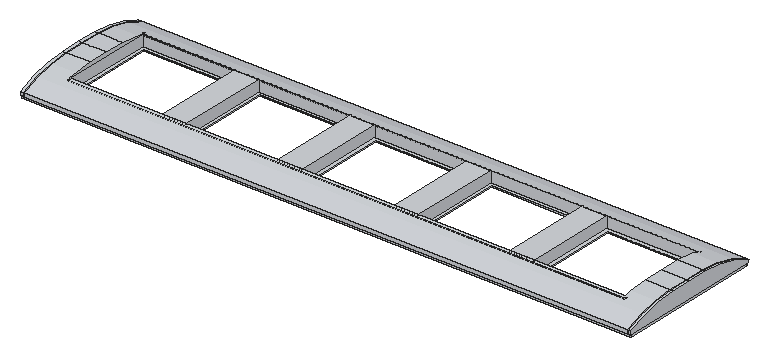
Revit family "Gira_021550", category Electrical Fixtures, host Face, Revit 2017
Family settings
  Host = Face
  Maintain Annotation Orientation = No
  Round Connector Dimension = Use Diameter
  Part Type = Normal
  Cut with Voids When Loaded = No
  Shared = No
  Room Calculation Point = No
Parameters (values of type "Abdeckrahmen 5f Zwischenr. F Alu Gira Event Opak Weiß")
  Werkstoffgüte = "Thermoplast"
  Werkstoff = "Kunststoff"
  URL = "http://katalog.gira.de/de_DE/datenblatt.html?artikelnr=021550"
  Transparent = "No"
  Textfeld/Beschriftungsfläche = "No"
  Schutzart (IP) = "IP20"
  Region = "DE"
  Oberfläche = "sonstige"
  Name = "Abdeckrahmen 5f Zwischenr. F Alu Gira Event Opak Weiß"
  Montagerichtung = "horizontal und vertikal"
  Mit Montagerahmen = "No"
  Mit Klappdeckel = "No"
  Manufacturer URL = "https://www.gira.de/"
  Keynote = "Event_Rahmen_5fach"
  HeinzeBIM = "https://bimportal.heinze.de/bim/abdeckrahmen-5f-zwischenr-f-alu-gira-event-opak-weiss/d054031b4e3d632260e38feb97094a7c57757261"
  Halogenfrei = "Yes"
  HAN = "021550"
  Geeignet für Unterputz-Installation = "Yes"
  Geeignet für Unterflurkanaldose = "No"
  Geeignet für Geräteeinbaukanal = "No"
  Geeignet für Einbauinstallation = "No"
  GTIN = "4010337215509"
  Farbe = "weiß"
  Default Elevation = 1219.2 mm
  Data sheet (1) = "https://katalog.gira.de/de_DE/download.html?artikelnr=021550"
  Category = "Abdeckrahmen"
  Befestigungsart = "Klemmbefestigung"
  Available = "Yes"
  Anzahl der Einheiten vertikal = "5 "
  Anzahl der Einheiten horizontal = "5 "
  Anzahl der Einheiten = "5 "
Reference planes
  plane 1 "Center (Front/Back)": y = 0
  plane 2: z = 0
  plane 3 "Center (Left/Right)": x = 0
Forms (mm)
  Extrusion 1, solid, detail levels fine
    sketch origin (0, 0, 0.05) x (0, 1, 0) y (0, 0, 1)
      loop
        arc (12.445, 9.683) -> (6.223, 9.833) -> (0, 9.85) r 291.636
        arc (0, 9.85) -> (-6.223, 9.833) -> (-12.445, 9.683) r 291.636
        arc (-12.445, 9.683) -> (-29.14, 7.482) -> (-45, 1.823) r 79.728
        line (-45, 1.823) -> (-45, -0.05) -> (-42.086, -0.05)
        arc (-42.086, -0.05) -> (-21.385, 5.559) -> (0, 7.206) r 114.424
        arc (0, 7.206) -> (21.385, 5.559) -> (42.086, -0.05) r 114.424
        line (42.086, -0.05) -> (45, -0.05) -> (45, 1.823)
        arc (45, 1.823) -> (29.14, 7.482) -> (12.445, 9.683) r 79.728
    from -185.578 to 185.593
  Extrusion 2, void, detail levels fine
    sketch origin (0, 0, 0) x (1, 0, 0) y (0, 1, 0)
      loop
        line (170.607, 28) -> (-170.593, 28) -> (-170.593, -28) -> (170.607, -28) -> (170.607, 28)
    from 0.724 to 11
  Extrusion 3, solid, detail levels coarse
    sketch origin (0, 0, 0) x (1, 0, 0) y (0, 1, 0)
      loop
        line (-187.578, 45) -> (-187.578, -45) -> (187.593, -45) -> (187.593, 45) -> (-187.578, 45)
    from -1.5 to 9.9
  Extrusion 4, solid, detail levels medium
    sketch origin (0, 0, 0.05) x (0, 1, 0) y (0, 0, 1)
      loop
        arc (12.445, 9.683) -> (6.223, 9.833) -> (0, 9.85) r 291.636
        arc (0, 9.85) -> (-6.223, 9.833) -> (-12.445, 9.683) r 291.636
        arc (-12.445, 9.683) -> (-29.14, 7.482) -> (-45, 1.823) r 79.728
        line (-45, 1.823) -> (-45, -0.05) -> (45, -0.05) -> (45, 1.823)
        arc (45, 1.823) -> (29.14, 7.482) -> (12.445, 9.683) r 79.728
    from -187.578 to 187.593
  Extrusion 5, solid, detail levels fine
    sketch origin (-142.578, 0, -1.5) x (0, 1, 0) y (0, 0, -1)
      loop
        line (45, -3.373) -> (45, -1.5) -> (-45, -1.5) -> (-45, -3.373)
        arc (-45, -3.373) -> (-29.14, -9.032) -> (-12.445, -11.233) r 79.728
        arc (-12.445, -11.233) -> (-6.223, -11.383) -> (0, -11.4) r 291.636
        arc (0, -11.4) -> (6.223, -11.383) -> (12.445, -11.233) r 291.636
        arc (12.445, -11.233) -> (29.14, -9.032) -> (45, -3.373) r 79.728
    from 43 to 45
  Extrusion 6, solid, detail levels fine
    sketch origin (0, 0, 0) x (1, 0, 0) y (0, 1, 0)
      loop
        line (-168.493, 25.7) -> (-168.493, -25.7) -> (-116.693, -25.7) -> (-116.693, 25.7) -> (-168.493, 25.7)
      loop
        line (-45.398, -25.7) -> (-45.398, 25.7) -> (-97.198, 25.7) -> (-97.198, -25.7) -> (-45.398, -25.7)
      loop
        line (-171.487, 28.49) -> (-171.487, -28.495)
        spline (-171.487, -28.495) -> (-171.479, -28.625) -> (-171.453, -28.754) -> (-171.411, -28.878) -> (-171.353, -28.995) -> (-171.281, -29.104) -> (-171.194, -29.202) -> (-171.096, -29.288) -> (-170.987, -29.361) -> (-170.87, -29.419) -> (-170.746, -29.461) -> (-170.618, -29.486) -> (-170.487, -29.495)
        line (-170.487, -29.495) -> (170.502, -29.495)
        spline (170.502, -29.495) -> (170.633, -29.486) -> (170.761, -29.461) -> (170.885, -29.419) -> (171.002, -29.361) -> (171.111, -29.288) -> (171.209, -29.202) -> (171.296, -29.104) -> (171.368, -28.995) -> (171.426, -28.878) -> (171.468, -28.754) -> (171.494, -28.625) -> (171.502, -28.495)
        line (171.502, -28.495) -> (171.502, 28.49)
        spline (171.502, 28.49) -> (171.494, 28.62) -> (171.468, 28.748) -> (171.426, 28.872) -> (171.368, 28.99) -> (171.296, 29.098) -> (171.209, 29.197) -> (171.111, 29.283) -> (171.002, 29.356) -> (170.885, 29.413) -> (170.761, 29.456) -> (170.633, 29.481) -> (170.502, 29.49)
        line (170.502, 29.49) -> (-170.487, 29.49)
        spline (-170.487, 29.49) -> (-170.618, 29.481) -> (-170.746, 29.456) -> (-170.87, 29.413) -> (-170.987, 29.356) -> (-171.096, 29.283) -> (-171.194, 29.197) -> (-171.281, 29.098) -> (-171.353, 28.99) -> (-171.411, 28.872) -> (-171.453, 28.748) -> (-171.479, 28.62) -> (-171.487, 28.49)
      loop
        line (25.902, -25.7) -> (25.902, 25.7) -> (-25.898, 25.7) -> (-25.898, -25.7) -> (25.902, -25.7)
      loop
        line (97.207, -25.7) -> (97.207, 25.7) -> (45.407, 25.7) -> (45.407, -25.7) -> (97.207, -25.7)
      loop
        line (168.507, -25.7) -> (168.507, 25.7) -> (116.707, 25.7) -> (116.707, -25.7) -> (168.507, -25.7)
    from 0.1 to 7.3
  Extrusion 7, solid
    sketch origin (0, 0, 0) x (1, 0, 0) y (0, 1, 0)
      loop
        arc (-187.293, -44.218) -> (-187.146, -44.572) -> (-186.793, -44.718) r 0.5
        line (-186.793, -44.718) -> (186.807, -44.718)
        arc (186.807, -44.718) -> (187.161, -44.572) -> (187.307, -44.218) r 0.5
        line (187.307, -44.218) -> (187.307, 44.182)
        arc (187.307, 44.182) -> (187.161, 44.535) -> (186.807, 44.682) r 0.5
        line (186.807, 44.682) -> (-186.793, 44.682)
        arc (-186.793, 44.682) -> (-187.146, 44.535) -> (-187.293, 44.182) r 0.5
        line (-187.293, 44.182) -> (-187.293, -44.218)
      loop
        line (-185.593, 42.982) -> (-185.593, -43.018) -> (185.607, -43.018) -> (185.607, 42.982) -> (-185.593, 42.982)
    from -1.5 to 0.5
  Extrusion 8, solid, detail levels fine
    sketch origin (142.593, 0, -1.5) x (0, 1, 0) y (0, 0, 1)
      loop
        arc (45, 3.373) -> (29.14, 9.032) -> (12.445, 11.233) r 79.728
        arc (12.445, 11.233) -> (6.223, 11.383) -> (0, 11.4) r 291.636
        arc (0, 11.4) -> (-6.223, 11.383) -> (-12.445, 11.233) r 291.636
        arc (-12.445, 11.233) -> (-29.14, 9.032) -> (-45, 3.373) r 79.728
        line (-45, 3.373) -> (-45, 1.5) -> (45, 1.5) -> (45, 3.373)
    from 43 to 45
  Extrusion 9, solid, detail levels medium
    sketch origin (0, 0, 0) x (1, 0, 0) y (0, 1, 0)
      loop
        line (-187.293, -44.718) -> (187.307, -44.718) -> (187.307, 44.682) -> (-187.293, 44.682) -> (-187.293, -44.718)
    from -1.5 to 0.5
  Extrusion 10, solid, detail levels fine
    sketch origin (-105.5, 0, 0) x (1, 0, 0) y (0, 1, 0)
      loop
        line (-8.943, 28.063) -> (-8.943, -27.937) -> (6.057, -27.937) -> (6.057, 28.063) -> (-8.943, 28.063)
    from 0.724 to 7.566
  Extrusion 11, solid, detail levels fine
    sketch origin (-37.085, 0, 0) x (-1, 0, 0) y (0, -1, 0)
      loop
        line (-8.943, -28.063) -> (6.057, -28.063) -> (6.057, 27.937) -> (-8.943, 27.937) -> (-8.943, -28.063)
    from 0.724 to 7.566
  Extrusion 12, solid, detail levels fine
    sketch origin (105.5, 0, 0) x (-1, 0, 0) y (0, -1, 0)
      loop
        line (-8.943, -28.063) -> (6.057, -28.063) -> (6.057, 27.937) -> (-8.943, 27.937) -> (-8.943, -28.063)
    from 0.724 to 7.566
  Extrusion 13, solid, detail levels fine
    sketch origin (37.085, 0, 0) x (1, 0, 0) y (0, 1, 0)
      loop
        line (-8.943, 28.063) -> (-8.943, -27.937) -> (6.057, -27.937) -> (6.057, 28.063) -> (-8.943, 28.063)
    from 0.724 to 7.566
Cuts and joins
  Extrusion 2 cuts Extrusion 1
  Extrusion 2 cuts Extrusion 6
Dimensions and locks
  aligned and locked: plane 2 to host face
  aligned and locked: level to host face
